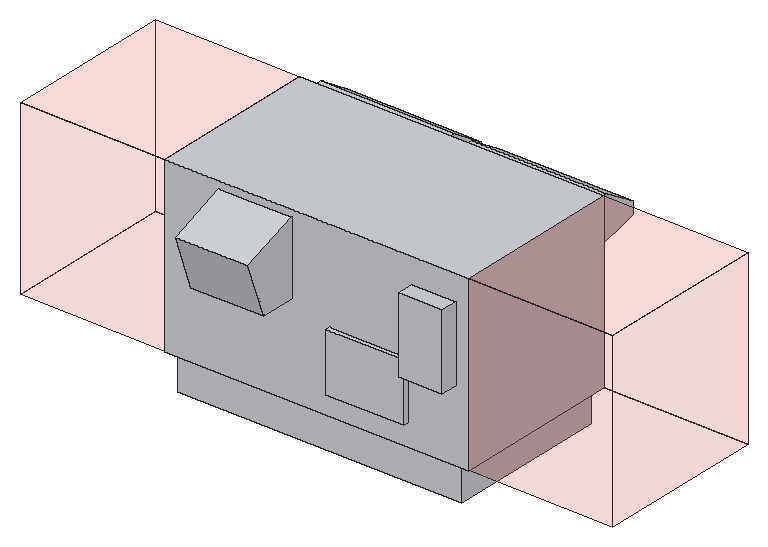
Revit family
Parameters (values of type "208 V Single Phase")
  Weight Scheduled [instance] = 2220  # constant formula
  Voltage Workaround = Voltage / 1 V  # 208
  Voltage Scheduled = Voltage  # 208 V
  Voltage = 208 V
  VoltAmps Workaround [instance] = Voltage Workaround * Total FLA * sqrt(Phase)  # 0
  VoltAmps [instance] = VoltAmps Workaround * 1 VA  # 0 VA
  VFD [instance] = yes
  URL = "http://www.renewaire.com/products/commercial-products/outdoor-models/le6xrt"
  Total FLA [instance] = if(or(Supply Motor FLA = 0, Exhaust Motor FLA = 0), 0, (Supply Motor FLA * Supply Motor Count) + (Exhaust Motor FLA * Exhaust Motor Count))  # 0
  Supply Motor RPM Scheduled [instance] = Supply Motor RPM  # 0
  Supply Motor RPM [instance] = if(and(or(Supply ESP = 0, Supply ESP > 0), Supply ESP < 0.25), if(Supply Motor HP = 3, if(Supply CFM > 4220 CFM, 0, if(Supply CFM > 3980 CFM, 837, if(Supply CFM > 4470 CFM, 796, if(Supply CFM > 3620 CFM, 755, if(Supply CFM > 3500 CFM, 714, if(Supply CFM > 3420 CFM, 673, 632)))))), if(Supply Motor HP = 5, if(Supply CFM > 5170 CFM, 0, if(Supply CFM > 4880 CFM, 982, if(Supply CFM > 4600 CFM, 940, if(Supply CFM > 4340 CFM, 898, if(Supply CFM > 4090 CFM, 857, if(Supply CFM > 3870 CFM, 815, 773)))))), if(Supply Motor HP = 7.5, if(Supply CFM > 6430 CFM, 0, if(Supply CFM > 5960 CFM, 1122, if(Supply CFM > 5610 CFM, 1082, if(Supply CFM > 5300 CFM, 1041, 1000)))), 0))), if(and(or(Supply ESP = 0.25, Supply ESP > 0.25), Supply ESP < 0.5), if(Supply Motor HP = 3, if(Supply CFM > 3920 CFM, 0, if(Supply CFM > 3660 CFM, 837, if(Supply CFM > 3440 CFM, 796, if(Supply CFM > 3270 CFM, 755, if(Supply CFM > 3150 CFM, 714, if(Supply CFM > 3080 CFM, 673, 632)))))), if(Supply Motor HP = 5, if(Supply CFM > 4940 CFM, 0, if(Supply CFM > 4640 CFM, 982, if(Supply CFM > 4330 CFM, 940, if(Supply CFM > 4050 CFM, 898, if(Supply CFM > 3770 CFM, 857, if(Supply CFM > 3530 CFM, 815, 773)))))), if(Supply Motor HP = 7.5, if(Supply CFM > 6600 CFM, 0, if(Supply CFM > 6150 CFM, 1163, if(Supply CFM > 5730 CFM, 1122, if(Supply CFM > 5380 CFM, 1082, if(Supply CFM > 5070 CFM, 1041, 1000))))), 0))), if(and(or(Supply ESP = 0.5, Supply ESP > 0.5), Supply ESP < 0.75), if(Supply Motor HP = 3, if(Supply CFM > 3520 CFM, 0, if(Supply CFM > 3220 CFM, 837, if(Supply CFM > 2950 CFM, 796, if(Supply CFM > 2750 CFM, 755, if(Supply CFM > 2600 CFM, 714, if(Supply CFM > 2510 CFM, 673, 632)))))), if(Supply Motor HP = 5, if(Supply CFM > 4670 CFM, 0, if(Supply CFM > 4340 CFM, 982, if(Supply CFM > 4000 CFM, 940, if(Supply CFM > 3670 CFM, 898, if(Supply CFM > 3350 CFM, 857, if(Supply CFM > 3060 CFM, 815, 773)))))), if(Supply Motor HP = 7.5, if(Supply CFM > 6490 CFM, 0, if(Supply CFM > 5850 CFM, 1163, if(Supply CFM > 5460 CFM, 1122, if(Supply CFM > 5130 CFM, 1082, if(Supply CFM > 4810 CFM, 1041, 1000))))), 0))), if(and(or(Supply ESP = 0.75, Supply ESP > 0.75), Supply ESP < 1), if(Supply Motor HP = 3, if(Supply CFM > 2880 CFM, 0, if(Supply CFM > 2400 CFM, 837, if(Supply CFM > 1800 CFM, 796, 755))), if(Supply Motor HP = 5, if(Supply CFM > 4330 CFM, 0, if(Supply CFM > 3950 CFM, 982, if(Supply CFM > 3540 CFM, 940, if(Supply CFM > 3100 CFM, 898, if(Supply CFM > 2630 CFM, 857, if(Supply CFM > 2090 CFM, 815, 773)))))), if(Supply Motor HP = 7.5, if(Supply CFM > 6600 CFM, 0, if(Supply CFM > 5990 CFM, 1204, if(Supply CFM > 5510 CFM, 1163, if(Supply CFM > 5160 CFM, 1122, if(Supply CFM > 4830 CFM, 1082, if(Supply CFM > 4490 CFM, 1041, 1000)))))), 0))), if(and(or(Supply ESP = 1, Supply ESP > 1), Supply ESP < 1.25), if(Supply Motor HP = 5, if(Supply CFM > 3880 CFM, 0, if(Supply CFM > 3380 CFM, 982, if(Supply CFM > 2700 CFM, 940, if(Supply CFM > 1770 CFM, 898, 857)))), if(Supply Motor HP = 7.5, if(Supply CFM > 6230 CFM, 0, if(Supply CFM > 5510 CFM, 1204, if(Supply CFM > 5140 CFM, 1163, if(Supply CFM > 4810 CFM, 1122, if(Supply CFM > 4460 CFM, 1082, if(Supply CFM > 4070 CFM, 1041, 1000)))))), 0)), if(and(or(Supply ESP = 1.25, Supply ESP > 1.25), Supply ESP < 1.5), if(Supply Motor HP = 5, if(Supply CFM > 3160 CFM, 0, if(Supply CFM > 2050 CFM, 982, 940)), if(Supply Motor HP = 7.5, if(Supply CFM > 5380 CFM, 0, if(Supply CFM > 5040 CFM, 1204, if(Supply CFM > 4720 CFM, 1163, if(Supply CFM > 4380 CFM, 1122, if(Supply CFM > 3980 CFM, 1082, if(Supply CFM > 3460 CFM, 1041, 1000)))))), 0)), if(and(or(Supply ESP = 1.5, Supply ESP > 1.5), Supply ESP < 1.75), if(Supply Motor HP = 5, if(Supply CFM > 1400 CFM, 0, 982), if(Supply Motor HP = 7.5, if(Supply CFM > 4800 CFM, 0, if(Supply CFM > 4550 CFM, 1204, if(Supply CFM > 4230 CFM, 1163, if(Supply CFM > 3830 CFM, 1122, if(Supply CFM > 3240 CFM, 1082, if(Supply CFM > 2100 CFM, 1041, 1000)))))), 0)), if(and(or(Supply ESP = 1.75, Supply ESP > 1.75), Supply ESP < 2), if(Supply Motor HP = 7.5, if(Supply CFM > 4300 CFM, 0, if(Supply CFM > 4020 CFM, 1204, if(Supply CFM > 3630 CFM, 1163, if(Supply CFM > 3010 CFM, 1122, if(Supply CFM > 1600 CFM, 1082, 1041))))), 0), if(Supply ESP = 2, if(Supply Motor HP = 7.5, if(Supply CFM > 3800 CFM, 0, if(Supply CFM > 3440 CFM, 1204, if(Supply CFM > 2800 CFM, 1163, 1122))), 0), 0)))))))))  # 0
  Supply Motor HP Scheduled [instance] = Supply Motor HP  # 0
  Supply Motor HP [instance] = 0
  Supply Motor FLA [instance] = if(VFD, if(Supply Motor BHP = 0, 0, if(Supply Motor HP = 3, if(and(or(Voltage = 208 V, Voltage = 230 V), Phase = 1), 9.38, if(and(or(Voltage = 208 V, Voltage = 230 V), Phase = 3), 9.38, if(and(Voltage = 460 V, Phase = 3), 4.24, if(and(Voltage = 575 V, Phase = 3), 3.3, 0)))), if(Supply Motor HP = 5, if(and(or(Voltage = 208 V, Voltage = 230 V), Phase = 3), 14.5, if(and(Voltage = 460 V, Phase = 3), 6.7, if(and(Voltage = 575 V, Phase = 3), 5.3, 0))), if(Supply Motor HP = 7.5, if(and(or(Voltage = 208 V, Voltage = 230 V), Phase = 3), 21, if(and(Voltage = 460 V, Phase = 3), 9.4, if(and(Voltage = 575 V, Phase = 3), 7.6, 0))), 0)))), if(Supply Motor BHP = 0, 0, if(Supply Motor HP = 3, if(and(or(Voltage = 208 V, Voltage = 230 V), Phase = 1), 14.7, if(and(or(Voltage = 208 V, Voltage = 230 V), Phase = 3), 9.38, if(and(Voltage = 460 V, Phase = 3), 4.24, if(and(Voltage = 575 V, Phase = 3), 3.3, 0)))), if(Supply Motor HP = 5, if(and(or(Voltage = 208 V, Voltage = 230 V), Phase = 3), 14.5, if(and(Voltage = 460 V, Phase = 3), 6.7, if(and(Voltage = 575 V, Phase = 3), 5.3, 0))), if(Supply Motor HP = 7.5, if(and(or(Voltage = 208 V, Voltage = 230 V), Phase = 3), 21, if(and(Voltage = 460 V, Phase = 3), 9.4, if(and(Voltage = 575 V, Phase = 3), 7.6, 0))), 0)))))  # 0
  Supply Motor Count Scheduled [instance] = Supply Motor Count  # 1
  Supply Motor Count [instance] = 1  # constant formula
  Supply Motor BHP [instance] = if(and(or(Supply ESP = 0, Supply ESP > 0), Supply ESP < 0.25), if(Supply Motor HP = 3, if(Supply CFM > 4220 CFM, 0, if(Supply CFM > 3980 CFM, 2.3, if(Supply CFM > 4470 CFM, 2, if(Supply CFM > 3620 CFM, 1.8, if(Supply CFM > 3500 CFM, 1.5, if(Supply CFM > 3420 CFM, 1.4, 1.2)))))), if(Supply Motor HP = 5, if(Supply CFM > 5170 CFM, 0, if(Supply CFM > 4880 CFM, 3.9, if(Supply CFM > 4600 CFM, 3.4, if(Supply CFM > 4340 CFM, 2.9, if(Supply CFM > 4090 CFM, 2.5, if(Supply CFM > 3870 CFM, 2.2, 1.9)))))), if(Supply Motor HP = 7.5, if(Supply CFM > 6430 CFM, 0, if(Supply CFM > 5960 CFM, 6.4, if(Supply CFM > 5610 CFM, 5.5, if(Supply CFM > 5300 CFM, 4.8, 4.2)))), 0))), if(and(or(Supply ESP = 0.25, Supply ESP > 0.25), Supply ESP < 0.5), if(Supply Motor HP = 3, if(Supply CFM > 3920 CFM, 0, if(Supply CFM > 3660 CFM, 2.1, if(Supply CFM > 3440 CFM, 1.8, if(Supply CFM > 3270 CFM, 1.6, if(Supply CFM > 3150 CFM, 1.4, if(Supply CFM > 3080 CFM, 1.2, 1.1)))))), if(Supply Motor HP = 5, if(Supply CFM > 4940 CFM, 0, if(Supply CFM > 4640 CFM, 3.7, if(Supply CFM > 4330 CFM, 2.7, if(Supply CFM > 4050 CFM, 2.7, if(Supply CFM > 3770 CFM, 2.3, if(Supply CFM > 3530 CFM, 2, 1.7)))))), if(Supply Motor HP = 7.5, if(Supply CFM > 6600 CFM, 0, if(Supply CFM > 6150 CFM, 7, if(Supply CFM > 5730 CFM, 6, if(Supply CFM > 5380 CFM, 5.1, if(Supply CFM > 5070 CFM, 4.5, 3.9))))), 0))), if(and(or(Supply ESP = 0.5, Supply ESP > 0.5), Supply ESP < 0.75), if(Supply Motor HP = 3, if(Supply CFM > 3520 CFM, 0, if(Supply CFM > 3220 CFM, 1.9, if(Supply CFM > 2950 CFM, 1.6, if(Supply CFM > 2750 CFM, 1.4, if(Supply CFM > 2600 CFM, 1.2, if(Supply CFM > 2510 CFM, 1.1, 1)))))), if(Supply Motor HP = 5, if(Supply CFM > 4670 CFM, 0, if(Supply CFM > 4340 CFM, 3.4, if(Supply CFM > 4000 CFM, 2.4, if(Supply CFM > 3670 CFM, 2.4, if(Supply CFM > 3350 CFM, 2, if(Supply CFM > 3060 CFM, 1.7, 1.4)))))), if(Supply Motor HP = 7.5, if(Supply CFM > 6490 CFM, 0, if(Supply CFM > 5850 CFM, 6.7, if(Supply CFM > 5460 CFM, 5.5, if(Supply CFM > 5130 CFM, 4.8, if(Supply CFM > 4810 CFM, 4.2, 3.6))))), 0))), if(and(or(Supply ESP = 0.75, Supply ESP > 0.75), Supply ESP < 1), if(Supply Motor HP = 3, if(Supply CFM > 2880 CFM, 0, if(Supply CFM > 2400 CFM, 1.5, if(Supply CFM > 1800 CFM, 1.2, 1))), if(Supply Motor HP = 5, if(Supply CFM > 4330 CFM, 0, if(Supply CFM > 3950 CFM, 3.1, if(Supply CFM > 3540 CFM, 2.6, if(Supply CFM > 3100 CFM, 2.1, if(Supply CFM > 2630 CFM, 1.7, if(Supply CFM > 2090 CFM, 1.4, 1.1)))))), if(Supply Motor HP = 7.5, if(Supply CFM > 6600 CFM, 0, if(Supply CFM > 5990 CFM, 7, if(Supply CFM > 5510 CFM, 5.9, if(Supply CFM > 5160 CFM, 5.1, if(Supply CFM > 4830 CFM, 4.4, if(Supply CFM > 4490 CFM, 3.8, 3.3)))))), 0))), if(and(or(Supply ESP = 1, Supply ESP > 1), Supply ESP < 1.25), if(Supply Motor HP = 5, if(Supply CFM > 3880 CFM, 0, if(Supply CFM > 3380 CFM, 2.7, if(Supply CFM > 2700 CFM, 2.1, if(Supply CFM > 1770 CFM, 1.6, 1.1)))), if(Supply Motor HP = 7.5, if(Supply CFM > 6230 CFM, 0, if(Supply CFM > 5510 CFM, 6.5, if(Supply CFM > 5140 CFM, 5.3, if(Supply CFM > 4810 CFM, 4.6, if(Supply CFM > 4460 CFM, 4, if(Supply CFM > 4070 CFM, 3.5, 2.9)))))), 0)), if(and(or(Supply ESP = 1.25, Supply ESP > 1.25), Supply ESP < 1.5), if(Supply Motor HP = 5, if(Supply CFM > 3160 CFM, 0, if(Supply CFM > 2050 CFM, 2.2, 1.5)), if(Supply Motor HP = 7.5, if(Supply CFM > 5380 CFM, 0, if(Supply CFM > 5040 CFM, 5.3, if(Supply CFM > 4720 CFM, 4.7, if(Supply CFM > 4380 CFM, 4.1, if(Supply CFM > 3980 CFM, 3.6, if(Supply CFM > 3460 CFM, 3, 2.4)))))), 0)), if(and(or(Supply ESP = 1.5, Supply ESP > 1.5), Supply ESP < 1.75), if(Supply Motor HP = 5, if(Supply CFM > 1400 CFM, 0, 1.4), if(Supply Motor HP = 7.5, if(Supply CFM > 4800 CFM, 0, if(Supply CFM > 4550 CFM, 4.6, if(Supply CFM > 4230 CFM, 4.1, if(Supply CFM > 3830 CFM, 3.6, if(Supply CFM > 3240 CFM, 3.1, if(Supply CFM > 2100 CFM, 2.4, 1.7)))))), 0)), if(and(or(Supply ESP = 1.75, Supply ESP > 1.75), Supply ESP < 2), if(Supply Motor HP = 7.5, if(Supply CFM > 4300 CFM, 0, if(Supply CFM > 4020 CFM, 4, if(Supply CFM > 3630 CFM, 3.6, if(Supply CFM > 3010 CFM, 2.5, if(Supply CFM > 1600 CFM, 2.5, 1.7))))), 0), if(Supply ESP = 2, if(Supply Motor HP = 7.5, if(Supply CFM > 3800 CFM, 0, if(Supply CFM > 3440 CFM, 3.6, if(Supply CFM > 2800 CFM, 3.1, 2.5))), 0), 0)))))))))  # 0
  Supply ESP Scheduled [instance] = Supply ESP  # 0
  Supply ESP [instance] = 0
  Supply CFM Scheduled [instance] = Supply CFM  # 0 CFM
  Supply CFM [instance] = 0 CFM
  Supply Air Winter RH Scheduled [instance] = 0
  Supply Air Winter DB Scheduled [instance] = 0
  Supply Air Summer RH Scheduled [instance] = 0
  Supply Air Summer DB Scheduled [instance] = 0
  Phase Scheduled = Phase  # 1
  Phase = 1
  Outside Air Winter RH Scheduled [instance] = 0
  Outside Air Winter DB Scheduled [instance] = 0
  Outside Air Summer RH Scheduled [instance] = 0
  Outside Air Summer DB Scheduled [instance] = 0
  Number of Poles = 2
  Model = "LE6XRTH"
  Manufacturer = "RenewAire"
  MOCP Scheduled [instance] = MOCP  # 0
  MOCP [instance] = if(Total FLA = 0, 0, if(VFD, if(and(or(Voltage = 208 V, Voltage = 230 V), Phase = 1), if(and(Supply Motor HP = 3, Exhaust Motor HP = 3), 45, 0), if(and(or(Voltage = 208 V, Voltage = 230 V), Phase = 3), if(and(Supply Motor HP = 3, Exhaust Motor HP = 3), 25, if(and(Supply Motor HP = 3, Exhaust Motor HP = 5), 40, if(and(Supply Motor HP = 3, Exhaust Motor HP = 7.5), 50, if(and(Supply Motor HP = 5, Exhaust Motor HP = 3), 40, if(and(Supply Motor HP = 5, Exhaust Motor HP = 5), 45, if(and(Supply Motor HP = 5, Exhaust Motor HP = 7.5), 60, if(and(Supply Motor HP = 7.5, Exhaust Motor HP = 3), 50, if(and(Supply Motor HP = 7.5, Exhaust Motor HP = 5), 60, if(and(Supply Motor HP = 7.5, Exhaust Motor HP = 7.5), 60, 0))))))))), if(and(Voltage = 460 V, Phase = 3), if(and(Supply Motor HP = 3, Exhaust Motor HP = 3), 15, if(and(Supply Motor HP = 3, Exhaust Motor HP = 5), 15, if(and(Supply Motor HP = 3, Exhaust Motor HP = 7.5), 20, if(and(Supply Motor HP = 5, Exhaust Motor HP = 3), 15, if(and(Supply Motor HP = 5, Exhaust Motor HP = 5), 20, if(and(Supply Motor HP = 5, Exhaust Motor HP = 7.5), 25, if(and(Supply Motor HP = 7.5, Exhaust Motor HP = 3), 20, if(and(Supply Motor HP = 7.5, Exhaust Motor HP = 5), 25, if(and(Supply Motor HP = 7.5, Exhaust Motor HP = 7.5), 30, 0))))))))), if(and(Voltage = 575 V, Phase = 3), if(and(Supply Motor HP = 3, Exhaust Motor HP = 3), 15, if(and(Supply Motor HP = 3, Exhaust Motor HP = 5), 15, if(and(Supply Motor HP = 3, Exhaust Motor HP = 7.5), 20, if(and(Supply Motor HP = 5, Exhaust Motor HP = 3), 15, if(and(Supply Motor HP = 5, Exhaust Motor HP = 5), 15, if(and(Supply Motor HP = 5, Exhaust Motor HP = 7.5), 20, if(and(Supply Motor HP = 7.5, Exhaust Motor HP = 3), 20, if(and(Supply Motor HP = 7.5, Exhaust Motor HP = 5), 20, if(and(Supply Motor HP = 7.5, Exhaust Motor HP = 7.5), 20, 0))))))))), 0)))), if(and(or(Voltage = 208 V, Voltage = 230 V), Phase = 1), if(and(Supply Motor HP = 3, Exhaust Motor HP = 3), 40, 0), if(and(or(Voltage = 208 V, Voltage = 230 V), Phase = 3), if(and(Supply Motor HP = 3, Exhaust Motor HP = 3), 25, if(and(Supply Motor HP = 3, Exhaust Motor HP = 5), 40, if(and(Supply Motor HP = 3, Exhaust Motor HP = 7.5), 50, if(and(Supply Motor HP = 5, Exhaust Motor HP = 3), 40, if(and(Supply Motor HP = 5, Exhaust Motor HP = 5), 45, if(and(Supply Motor HP = 5, Exhaust Motor HP = 7.5), 60, if(and(Supply Motor HP = 7.5, Exhaust Motor HP = 3), 50, if(and(Supply Motor HP = 7.5, Exhaust Motor HP = 5), 60, if(and(Supply Motor HP = 7.5, Exhaust Motor HP = 7.5), 60, 0))))))))), if(and(Voltage = 460 V, Phase = 3), if(and(Supply Motor HP = 3, Exhaust Motor HP = 3), 15, if(and(Supply Motor HP = 3, Exhaust Motor HP = 5), 15, if(and(Supply Motor HP = 3, Exhaust Motor HP = 7.5), 20, if(and(Supply Motor HP = 5, Exhaust Motor HP = 3), 15, if(and(Supply Motor HP = 5, Exhaust Motor HP = 5), 20, if(and(Supply Motor HP = 5, Exhaust Motor HP = 7.5), 25, if(and(Supply Motor HP = 7.5, Exhaust Motor HP = 3), 20, if(and(Supply Motor HP = 7.5, Exhaust Motor HP = 5), 25, if(and(Supply Motor HP = 7.5, Exhaust Motor HP = 7.5), 30, 0))))))))), if(and(Voltage = 575 V, Phase = 3), if(and(Supply Motor HP = 3, Exhaust Motor HP = 3), 15, if(and(Supply Motor HP = 3, Exhaust Motor HP = 5), 15, if(and(Supply Motor HP = 3, Exhaust Motor HP = 7.5), 20, if(and(Supply Motor HP = 5, Exhaust Motor HP = 3), 15, if(and(Supply Motor HP = 5, Exhaust Motor HP = 5), 15, if(and(Supply Motor HP = 5, Exhaust Motor HP = 7.5), 20, if(and(Supply Motor HP = 7.5, Exhaust Motor HP = 3), 20, if(and(Supply Motor HP = 7.5, Exhaust Motor HP = 5), 20, if(and(Supply Motor HP = 7.5, Exhaust Motor HP = 7.5), 20, 0))))))))), 0))))))  # 0
  MCA Scheduled [instance] = MCA  # 0
  MCA [instance] = if(Total FLA = 0, 0, if(VFD, if(and(or(Voltage = 208 V, Voltage = 230 V), Phase = 1), if(and(Supply Motor HP = 3, Exhaust Motor HP = 3), 40.2, 0), if(and(or(Voltage = 208 V, Voltage = 230 V), Phase = 3), if(and(Supply Motor HP = 3, Exhaust Motor HP = 3), 23.2, if(and(Supply Motor HP = 3, Exhaust Motor HP = 5), 30.3, if(and(Supply Motor HP = 3, Exhaust Motor HP = 7.5), 36.2, if(and(Supply Motor HP = 5, Exhaust Motor HP = 3), 30.3, if(and(Supply Motor HP = 5, Exhaust Motor HP = 5), 35.9, if(and(Supply Motor HP = 5, Exhaust Motor HP = 7.5), 44.8, if(and(Supply Motor HP = 7.5, Exhaust Motor HP = 3), 39.2, if(and(Supply Motor HP = 7.5, Exhaust Motor HP = 5), 44.8, if(and(Supply Motor HP = 7.5, Exhaust Motor HP = 7.5), 52, 0))))))))), if(and(Voltage = 460 V, Phase = 3), if(and(Supply Motor HP = 3, Exhaust Motor HP = 3), 10.5, if(and(Supply Motor HP = 3, Exhaust Motor HP = 5), 13.9, if(and(Supply Motor HP = 3, Exhaust Motor HP = 7.5), 17.6, if(and(Supply Motor HP = 5, Exhaust Motor HP = 3), 13.9, if(and(Supply Motor HP = 5, Exhaust Motor HP = 5), 16.6, if(and(Supply Motor HP = 5, Exhaust Motor HP = 7.5), 20.3, if(and(Supply Motor HP = 7.5, Exhaust Motor HP = 3), 17.6, if(and(Supply Motor HP = 7.5, Exhaust Motor HP = 5), 20.3, if(and(Supply Motor HP = 7.5, Exhaust Motor HP = 7.5), 23.3, 0))))))))), if(and(Voltage = 575 V, Phase = 3), if(and(Supply Motor HP = 3, Exhaust Motor HP = 3), 8.2, if(and(Supply Motor HP = 3, Exhaust Motor HP = 5), 10.9, if(and(Supply Motor HP = 3, Exhaust Motor HP = 7.5), 14.1, if(and(Supply Motor HP = 5, Exhaust Motor HP = 3), 10.9, if(and(Supply Motor HP = 5, Exhaust Motor HP = 5), 13.1, if(and(Supply Motor HP = 5, Exhaust Motor HP = 7.5), 16.3, if(and(Supply Motor HP = 7.5, Exhaust Motor HP = 3), 14.1, if(and(Supply Motor HP = 7.5, Exhaust Motor HP = 5), 16.3, if(and(Supply Motor HP = 7.5, Exhaust Motor HP = 7.5), 18.8, 0))))))))), 0)))), if(and(or(Voltage = 208 V, Voltage = 230 V), Phase = 1), if(and(Supply Motor HP = 3, Exhaust Motor HP = 3), 33.1, 0), if(and(or(Voltage = 208 V, Voltage = 230 V), Phase = 3), if(and(Supply Motor HP = 3, Exhaust Motor HP = 3), 21.1, if(and(Supply Motor HP = 3, Exhaust Motor HP = 5), 27.5, if(and(Supply Motor HP = 3, Exhaust Motor HP = 7.5), 35.6, if(and(Supply Motor HP = 5, Exhaust Motor HP = 3), 27.5, if(and(Supply Motor HP = 5, Exhaust Motor HP = 5), 32.6, if(and(Supply Motor HP = 5, Exhaust Motor HP = 7.5), 40.8, if(and(Supply Motor HP = 7.5, Exhaust Motor HP = 3), 35.6, if(and(Supply Motor HP = 7.5, Exhaust Motor HP = 5), 40.8, if(and(Supply Motor HP = 7.5, Exhaust Motor HP = 7.5), 47.3, 0))))))))), if(and(Voltage = 460 V, Phase = 3), if(and(Supply Motor HP = 3, Exhaust Motor HP = 3), 9.5, if(and(Supply Motor HP = 3, Exhaust Motor HP = 5), 12.6, if(and(Supply Motor HP = 3, Exhaust Motor HP = 7.5), 16, if(and(Supply Motor HP = 5, Exhaust Motor HP = 3), 12.6, if(and(Supply Motor HP = 5, Exhaust Motor HP = 5), 15.1, if(and(Supply Motor HP = 5, Exhaust Motor HP = 7.5), 18.5, if(and(Supply Motor HP = 7.5, Exhaust Motor HP = 3), 16, if(and(Supply Motor HP = 7.5, Exhaust Motor HP = 5), 18.5, if(and(Supply Motor HP = 7.5, Exhaust Motor HP = 7.5), 21.2, 0))))))))), if(and(Voltage = 575 V, Phase = 3), if(and(Supply Motor HP = 3, Exhaust Motor HP = 3), 7.4, if(and(Supply Motor HP = 3, Exhaust Motor HP = 5), 9.9, if(and(Supply Motor HP = 3, Exhaust Motor HP = 7.5), 12.8, if(and(Supply Motor HP = 5, Exhaust Motor HP = 3), 9.9, if(and(Supply Motor HP = 5, Exhaust Motor HP = 5), 11.9, if(and(Supply Motor HP = 5, Exhaust Motor HP = 7.5), 14.8, if(and(Supply Motor HP = 7.5, Exhaust Motor HP = 3), 12.8, if(and(Supply Motor HP = 7.5, Exhaust Motor HP = 5), 14.8, if(and(Supply Motor HP = 7.5, Exhaust Motor HP = 7.5), 17.1, 0))))))))), 0))))))  # 0
  FLA Scheduled [instance] = Total FLA  # 0
  Exhaust RH Scheduled [instance] = 0
  Exhaust Motor RPM Scheduled [instance] = Exhaust Motor RPM  # 0
  Exhaust Motor RPM [instance] = if(and(or(Exhaust ESP = 0, Exhaust ESP > 0), Exhaust ESP < 0.25), if(Exhaust Motor HP = 3, if(Exhaust CFM > 4220 CFM, 0, if(Exhaust CFM > 3980 CFM, 837, if(Exhaust CFM > 4470 CFM, 796, if(Exhaust CFM > 3620 CFM, 755, if(Exhaust CFM > 3500 CFM, 714, if(Exhaust CFM > 3420 CFM, 673, 632)))))), if(Exhaust Motor HP = 5, if(Exhaust CFM > 5170 CFM, 0, if(Exhaust CFM > 4880 CFM, 982, if(Exhaust CFM > 4600 CFM, 940, if(Exhaust CFM > 4340 CFM, 898, if(Exhaust CFM > 4090 CFM, 857, if(Exhaust CFM > 3870 CFM, 815, 773)))))), if(Exhaust Motor HP = 7.5, if(Exhaust CFM > 6430 CFM, 0, if(Exhaust CFM > 5960 CFM, 1122, if(Exhaust CFM > 5610 CFM, 1082, if(Exhaust CFM > 5300 CFM, 1041, 1000)))), 0))), if(and(or(Exhaust ESP = 0.25, Exhaust ESP > 0.25), Exhaust ESP < 0.5), if(Exhaust Motor HP = 3, if(Exhaust CFM > 3920 CFM, 0, if(Exhaust CFM > 3660 CFM, 837, if(Exhaust CFM > 3440 CFM, 796, if(Exhaust CFM > 3270 CFM, 755, if(Exhaust CFM > 3150 CFM, 714, if(Exhaust CFM > 3080 CFM, 673, 632)))))), if(Exhaust Motor HP = 5, if(Exhaust CFM > 4940 CFM, 0, if(Exhaust CFM > 4640 CFM, 982, if(Exhaust CFM > 4330 CFM, 940, if(Exhaust CFM > 4050 CFM, 898, if(Exhaust CFM > 3770 CFM, 857, if(Exhaust CFM > 3530 CFM, 815, 773)))))), if(Exhaust Motor HP = 7.5, if(Exhaust CFM > 6600 CFM, 0, if(Exhaust CFM > 6150 CFM, 1163, if(Exhaust CFM > 5730 CFM, 1122, if(Exhaust CFM > 5380 CFM, 1082, if(Exhaust CFM > 5070 CFM, 1041, 1000))))), 0))), if(and(or(Exhaust ESP = 0.5, Exhaust ESP > 0.5), Exhaust ESP < 0.75), if(Exhaust Motor HP = 3, if(Exhaust CFM > 3520 CFM, 0, if(Exhaust CFM > 3220 CFM, 837, if(Exhaust CFM > 2950 CFM, 796, if(Exhaust CFM > 2750 CFM, 755, if(Exhaust CFM > 2600 CFM, 714, if(Exhaust CFM > 2510 CFM, 673, 632)))))), if(Exhaust Motor HP = 5, if(Exhaust CFM > 4670 CFM, 0, if(Exhaust CFM > 4340 CFM, 982, if(Exhaust CFM > 4000 CFM, 940, if(Exhaust CFM > 3670 CFM, 898, if(Exhaust CFM > 3350 CFM, 857, if(Exhaust CFM > 3060 CFM, 815, 773)))))), if(Exhaust Motor HP = 7.5, if(Exhaust CFM > 6490 CFM, 0, if(Exhaust CFM > 5850 CFM, 1163, if(Exhaust CFM > 5460 CFM, 1122, if(Exhaust CFM > 5130 CFM, 1082, if(Exhaust CFM > 4810 CFM, 1041, 1000))))), 0))), if(and(or(Exhaust ESP = 0.75, Exhaust ESP > 0.75), Exhaust ESP < 1), if(Exhaust Motor HP = 3, if(Exhaust CFM > 2880 CFM, 0, if(Exhaust CFM > 2400 CFM, 837, if(Exhaust CFM > 1800 CFM, 796, 755))), if(Exhaust Motor HP = 5, if(Exhaust CFM > 4330 CFM, 0, if(Exhaust CFM > 3950 CFM, 982, if(Exhaust CFM > 3540 CFM, 940, if(Exhaust CFM > 3100 CFM, 898, if(Exhaust CFM > 2630 CFM, 857, if(Exhaust CFM > 2090 CFM, 815, 773)))))), if(Exhaust Motor HP = 7.5, if(Exhaust CFM > 6600 CFM, 0, if(Exhaust CFM > 5990 CFM, 1204, if(Exhaust CFM > 5510 CFM, 1163, if(Exhaust CFM > 5160 CFM, 1122, if(Exhaust CFM > 4830 CFM, 1082, if(Exhaust CFM > 4490 CFM, 1041, 1000)))))), 0))), if(and(or(Exhaust ESP = 1, Exhaust ESP > 1), Exhaust ESP < 1.25), if(Exhaust Motor HP = 5, if(Exhaust CFM > 3880 CFM, 0, if(Exhaust CFM > 3380 CFM, 982, if(Exhaust CFM > 2700 CFM, 940, if(Exhaust CFM > 1770 CFM, 898, 857)))), if(Exhaust Motor HP = 7.5, if(Exhaust CFM > 6230 CFM, 0, if(Exhaust CFM > 5510 CFM, 1204, if(Exhaust CFM > 5140 CFM, 1163, if(Exhaust CFM > 4810 CFM, 1122, if(Exhaust CFM > 4460 CFM, 1082, if(Exhaust CFM > 4070 CFM, 1041, 1000)))))), 0)), if(and(or(Exhaust ESP = 1.25, Exhaust ESP > 1.25), Exhaust ESP < 1.5), if(Exhaust Motor HP = 5, if(Exhaust CFM > 3160 CFM, 0, if(Exhaust CFM > 2050 CFM, 982, 940)), if(Exhaust Motor HP = 7.5, if(Exhaust CFM > 5380 CFM, 0, if(Exhaust CFM > 5040 CFM, 1204, if(Exhaust CFM > 4720 CFM, 1163, if(Exhaust CFM > 4380 CFM, 1122, if(Exhaust CFM > 3980 CFM, 1082, if(Exhaust CFM > 3460 CFM, 1041, 1000)))))), 0)), if(and(or(Exhaust ESP = 1.5, Exhaust ESP > 1.5), Exhaust ESP < 1.75), if(Exhaust Motor HP = 5, if(Exhaust CFM > 1400 CFM, 0, 982), if(Exhaust Motor HP = 7.5, if(Exhaust CFM > 4800 CFM, 0, if(Exhaust CFM > 4550 CFM, 1204, if(Exhaust CFM > 4230 CFM, 1163, if(Exhaust CFM > 3830 CFM, 1122, if(Exhaust CFM > 3240 CFM, 1082, if(Exhaust CFM > 2100 CFM, 1041, 1000)))))), 0)), if(and(or(Exhaust ESP = 1.75, Exhaust ESP > 1.75), Exhaust ESP < 2), if(Exhaust Motor HP = 7.5, if(Exhaust CFM > 4300 CFM, 0, if(Exhaust CFM > 4020 CFM, 1204, if(Exhaust CFM > 3630 CFM, 1163, if(Exhaust CFM > 3010 CFM, 1122, if(Exhaust CFM > 1600 CFM, 1082, 1041))))), 0), if(Exhaust ESP = 2, if(Exhaust Motor HP = 7.5, if(Exhaust CFM > 3800 CFM, 0, if(Exhaust CFM > 3440 CFM, 1204, if(Exhaust CFM > 2800 CFM, 1163, 1122))), 0), 0)))))))))  # 0
  Exhaust Motor HP Scheduled [instance] = Exhaust Motor HP  # 0
  Exhaust Motor HP [instance] = 0
  Exhaust Motor FLA [instance] = if(VFD, if(Exhaust Motor BHP = 0, 0, if(Exhaust Motor HP = 3, if(and(or(Voltage = 208 V, Voltage = 230 V), Phase = 1), 9.38, if(and(or(Voltage = 208 V, Voltage = 230 V), Phase = 3), 9.38, if(and(Voltage = 460 V, Phase = 3), 4.24, if(and(Voltage = 575 V, Phase = 3), 3.3, 0)))), if(Exhaust Motor HP = 5, if(and(or(Voltage = 208 V, Voltage = 230 V), Phase = 3), 14.5, if(and(Voltage = 460 V, Phase = 3), 6.7, if(and(Voltage = 575 V, Phase = 3), 5.3, 0))), if(Exhaust Motor HP = 7.5, if(and(or(Voltage = 208 V, Voltage = 230 V), Phase = 3), 21, if(and(Voltage = 460 V, Phase = 3), 9.4, if(and(Voltage = 575 V, Phase = 3), 7.6, 0))), 0)))), if(Exhaust Motor BHP = 0, 0, if(Exhaust Motor HP = 3, if(and(or(Voltage = 208 V, Voltage = 230 V), Phase = 1), 14.7, if(and(or(Voltage = 208 V, Voltage = 230 V), Phase = 3), 9.38, if(and(Voltage = 460 V, Phase = 3), 4.24, if(and(Voltage = 575 V, Phase = 3), 3.3, 0)))), if(Exhaust Motor HP = 5, if(and(or(Voltage = 208 V, Voltage = 230 V), Phase = 3), 14.5, if(and(Voltage = 460 V, Phase = 3), 6.7, if(and(Voltage = 575 V, Phase = 3), 5.3, 0))), if(Exhaust Motor HP = 7.5, if(and(or(Voltage = 208 V, Voltage = 230 V), Phase = 3), 21, if(and(Voltage = 460 V, Phase = 3), 9.4, if(and(Voltage = 575 V, Phase = 3), 7.6, 0))), 0)))))  # 0
  Exhaust Motor Count Scheduled [instance] = Exhaust Motor Count  # 1
  Exhaust Motor Count [instance] = 1  # constant formula
  Exhaust Motor BHP [instance] = if(and(or(Exhaust ESP = 0, Exhaust ESP > 0), Exhaust ESP < 0.25), if(Exhaust Motor HP = 3, if(Exhaust CFM > 4220 CFM, 0, if(Exhaust CFM > 3980 CFM, 2.3, if(Exhaust CFM > 4470 CFM, 2, if(Exhaust CFM > 3620 CFM, 1.8, if(Exhaust CFM > 3500 CFM, 1.5, if(Exhaust CFM > 3420 CFM, 1.4, 1.2)))))), if(Exhaust Motor HP = 5, if(Exhaust CFM > 5170 CFM, 0, if(Exhaust CFM > 4880 CFM, 3.9, if(Exhaust CFM > 4600 CFM, 3.4, if(Exhaust CFM > 4340 CFM, 2.9, if(Exhaust CFM > 4090 CFM, 2.5, if(Exhaust CFM > 3870 CFM, 2.2, 1.9)))))), if(Exhaust Motor HP = 7.5, if(Exhaust CFM > 6430 CFM, 0, if(Exhaust CFM > 5960 CFM, 6.4, if(Exhaust CFM > 5610 CFM, 5.5, if(Exhaust CFM > 5300 CFM, 4.8, 4.2)))), 0))), if(and(or(Exhaust ESP = 0.25, Exhaust ESP > 0.25), Exhaust ESP < 0.5), if(Exhaust Motor HP = 3, if(Exhaust CFM > 3920 CFM, 0, if(Exhaust CFM > 3660 CFM, 2.1, if(Exhaust CFM > 3440 CFM, 1.8, if(Exhaust CFM > 3270 CFM, 1.6, if(Exhaust CFM > 3150 CFM, 1.4, if(Exhaust CFM > 3080 CFM, 1.2, 1.1)))))), if(Exhaust Motor HP = 5, if(Exhaust CFM > 4940 CFM, 0, if(Exhaust CFM > 4640 CFM, 3.7, if(Exhaust CFM > 4330 CFM, 2.7, if(Exhaust CFM > 4050 CFM, 2.7, if(Exhaust CFM > 3770 CFM, 2.3, if(Exhaust CFM > 3530 CFM, 2, 1.7)))))), if(Exhaust Motor HP = 7.5, if(Exhaust CFM > 6600 CFM, 0, if(Exhaust CFM > 6150 CFM, 7, if(Exhaust CFM > 5730 CFM, 6, if(Exhaust CFM > 5380 CFM, 5.1, if(Exhaust CFM > 5070 CFM, 4.5, 3.9))))), 0))), if(and(or(Exhaust ESP = 0.5, Exhaust ESP > 0.5), Exhaust ESP < 0.75), if(Exhaust Motor HP = 3, if(Exhaust CFM > 3520 CFM, 0, if(Exhaust CFM > 3220 CFM, 1.9, if(Exhaust CFM > 2950 CFM, 1.6, if(Exhaust CFM > 2750 CFM, 1.4, if(Exhaust CFM > 2600 CFM, 1.2, if(Exhaust CFM > 2510 CFM, 1.1, 1)))))), if(Exhaust Motor HP = 5, if(Exhaust CFM > 4670 CFM, 0, if(Exhaust CFM > 4340 CFM, 3.4, if(Exhaust CFM > 4000 CFM, 2.4, if(Exhaust CFM > 3670 CFM, 2.4, if(Exhaust CFM > 3350 CFM, 2, if(Exhaust CFM > 3060 CFM, 1.7, 1.4)))))), if(Exhaust Motor HP = 7.5, if(Exhaust CFM > 6490 CFM, 0, if(Exhaust CFM > 5850 CFM, 6.7, if(Exhaust CFM > 5460 CFM, 5.5, if(Exhaust CFM > 5130 CFM, 4.8, if(Exhaust CFM > 4810 CFM, 4.2, 3.6))))), 0))), if(and(or(Exhaust ESP = 0.75, Exhaust ESP > 0.75), Exhaust ESP < 1), if(Exhaust Motor HP = 3, if(Exhaust CFM > 2880 CFM, 0, if(Exhaust CFM > 2400 CFM, 1.5, if(Exhaust CFM > 1800 CFM, 1.2, 1))), if(Exhaust Motor HP = 5, if(Exhaust CFM > 4330 CFM, 0, if(Exhaust CFM > 3950 CFM, 3.1, if(Exhaust CFM > 3540 CFM, 2.6, if(Exhaust CFM > 3100 CFM, 2.1, if(Exhaust CFM > 2630 CFM, 1.7, if(Exhaust CFM > 2090 CFM, 1.4, 1.1)))))), if(Exhaust Motor HP = 7.5, if(Exhaust CFM > 6600 CFM, 0, if(Exhaust CFM > 5990 CFM, 7, if(Exhaust CFM > 5510 CFM, 5.9, if(Exhaust CFM > 5160 CFM, 5.1, if(Exhaust CFM > 4830 CFM, 4.4, if(Exhaust CFM > 4490 CFM, 3.8, 3.3)))))), 0))), if(and(or(Exhaust ESP = 1, Exhaust ESP > 1), Exhaust ESP < 1.25), if(Exhaust Motor HP = 5, if(Exhaust CFM > 3880 CFM, 0, if(Exhaust CFM > 3380 CFM, 2.7, if(Exhaust CFM > 2700 CFM, 2.1, if(Exhaust CFM > 1770 CFM, 1.6, 1.1)))), if(Exhaust Motor HP = 7.5, if(Exhaust CFM > 6230 CFM, 0, if(Exhaust CFM > 5510 CFM, 6.5, if(Exhaust CFM > 5140 CFM, 5.3, if(Exhaust CFM > 4810 CFM, 4.6, if(Exhaust CFM > 4460 CFM, 4, if(Exhaust CFM > 4070 CFM, 3.5, 2.9)))))), 0)), if(and(or(Exhaust ESP = 1.25, Exhaust ESP > 1.25), Exhaust ESP < 1.5), if(Exhaust Motor HP = 5, if(Exhaust CFM > 3160 CFM, 0, if(Exhaust CFM > 2050 CFM, 2.2, 1.5)), if(Exhaust Motor HP = 7.5, if(Exhaust CFM > 5380 CFM, 0, if(Exhaust CFM > 5040 CFM, 5.3, if(Exhaust CFM > 4720 CFM, 4.7, if(Exhaust CFM > 4380 CFM, 4.1, if(Exhaust CFM > 3980 CFM, 3.6, if(Exhaust CFM > 3460 CFM, 3, 2.4)))))), 0)), if(and(or(Exhaust ESP = 1.5, Exhaust ESP > 1.5), Exhaust ESP < 1.75), if(Exhaust Motor HP = 5, if(Exhaust CFM > 1400 CFM, 0, 1.4), if(Exhaust Motor HP = 7.5, if(Exhaust CFM > 4800 CFM, 0, if(Exhaust CFM > 4550 CFM, 4.6, if(Exhaust CFM > 4230 CFM, 4.1, if(Exhaust CFM > 3830 CFM, 3.6, if(Exhaust CFM > 3240 CFM, 3.1, if(Exhaust CFM > 2100 CFM, 2.4, 1.7)))))), 0)), if(and(or(Exhaust ESP = 1.75, Exhaust ESP > 1.75), Exhaust ESP < 2), if(Exhaust Motor HP = 7.5, if(Exhaust CFM > 4300 CFM, 0, if(Exhaust CFM > 4020 CFM, 4, if(Exhaust CFM > 3630 CFM, 3.6, if(Exhaust CFM > 3010 CFM, 2.5, if(Exhaust CFM > 1600 CFM, 2.5, 1.7))))), 0), if(Exhaust ESP = 2, if(Exhaust Motor HP = 7.5, if(Exhaust CFM > 3800 CFM, 0, if(Exhaust CFM > 3440 CFM, 3.6, if(Exhaust CFM > 2800 CFM, 3.1, 2.5))), 0), 0)))))))))  # 0
  Exhaust ESP Scheduled [instance] = Exhaust ESP  # 0
  Exhaust ESP [instance] = 0
  Exhaust DB Scheduled [instance] = 0
  Exhaust CFM Scheduled [instance] = Exhaust CFM  # 0 CFM
  Exhaust CFM [instance] = 0 CFM
  Enthalpy Effect Winter Scheduled [instance] = 0
  Enthalpy Effect Summer Scheduled [instance] = 0
Types (8): name | Voltage Workaround | Voltage Scheduled | Voltage | VFD | URL | Phase Scheduled | Phase | Number of Poles
  (no name) | 208 | 208 V | 208 V | yes | "http://www.renewaire.com/products/commercial-products/outdoor-models/le6xrt" | 1 | 1 | 2
  208 V Single Phase | 208 | 208 V | 208 V | yes | "http://www.renewaire.com/products/commercial-products/outdoor-models/le6xrt" | 1 | 1 | 2
  230 V Single Phase | 230 | 230 V | 230 V | yes | "http://www.renewaire.com/products/commercial-products/outdoor-models/le6xrt" | 1 | 1 | 2
  277 V Single Phase | 277 | 277 V | 277 V | yes | "http://www.renewaire.com/_assets/files/SubmittalForms/HE2XRTSubmittal.pdf" | 1 | 1 | 1
  208 V Three Phase | 208 | 208 V | 208 V | no | "http://www.renewaire.com/products/commercial-products/outdoor-models/le6xrt" | 3 | 3 | 3
  230 V Three Phase | 230 | 230 V | 230 V | yes | "http://www.renewaire.com/_assets/files/SubmittalForms/HE2XRTSubmittal.pdf" | 3 | 3 | 3
  460 V Three Phase | 460 | 460 V | 460 V | yes | "http://www.renewaire.com/_assets/files/SubmittalForms/HE2XRTSubmittal.pdf" | 3 | 3 | 3
  575 V Three Phase | 575 | 575 V | 575 V | yes | "http://www.renewaire.com/_assets/files/SubmittalForms/HE2XRTSubmittal.pdf" | 3 | 3 | 3
Reference planes (in)
  plane 1 "Center (Front/Back)": y = 0
  plane 2: z = 0
  plane 3 "Center (Left/Right)": x = 0
Forms (in)
  Extrusion 1, solid
    sketch origin (0, 0, 0) x (1, 0, 0) y (0, 1, 0)
      loop
        line (-62.6875, 34.875) -> (-62.6875, -34.875) -> (62.6875, -34.875) -> (62.6875, 34.875) -> (-62.6875, 34.875)
    from 14 to 85.125
  Extrusion 2, solid
    sketch origin (0, -1, 0) x (1, 0, 0) y (0, 1, 0)
      loop
        line (-58.75, 34.3125) -> (-58.75, -32.3125) -> (58.75, -32.3125) -> (58.75, 34.3125) -> (-58.75, 34.3125)
    from 0 to 14
  Extrusion 3, solid
    sketch origin (-31.3125, -9.3125, 27) x (0, 1, 0) y (0, 0, 1)
      loop
        line (-25.5625, 55.125) -> (-47.9375, 46.98117) -> (-39.89151, 24.875) -> (-25.5625, 24.875) -> (-25.5625, 55.125)
    from -9.125 to 20.875
  Extrusion 4, solid
    sketch origin (100.1875, 38.875, 0) x (1, 0, 0) y (0, 1, 0)
      loop
        line (-37.5, -4) -> (-37.5, -73.75) -> (22.3125, -73.75) -> (22.3125, -4) -> (-37.5, -4)
    from 14 to 85.125
  Extrusion 5, solid
    sketch origin (-23.5625, 9.375, 28) x (0, 1, 0) y (0, 0, 1)
      loop
        line (25.5, 54.125) -> (25.5, 35.1888) -> (45.125, 40.375) -> (45.125, 45.29469) -> (31.5625, 54.125) -> (25.5, 54.125)
    from -35.625 to 20
  Extrusion 6, solid
    sketch origin (39.1875, 9.375, 28) x (0, 1, 0) y (0, 0, 1)
      loop
        line (25.5, 54.125) -> (25.5, 35.1888) -> (45.125, 40.375) -> (45.125, 45.29469) -> (31.5625, 54.125) -> (25.5, 54.125)
    from -35.625 to 20
  Extrusion 7, solid
    sketch origin (0, 0, 0) x (1, 0, 0) y (0, 0, 1)
      loop
        line (39.4375, 74.75) -> (39.4375, 43.625) -> (57.4375, 43.625) -> (57.4375, 74.75) -> (39.4375, 74.75)
    from 34.875 to 41.875
  Extrusion 8, solid
    sketch origin (-88.1875, 38.875, 0) x (1, 0, 0) y (0, 1, 0)
      loop
        line (-34.3125, -4) -> (-34.3125, -73.75) -> (25.5, -73.75) -> (25.5, -4) -> (-34.3125, -4)
    from 14 to 85.125
  Extrusion 9, solid
    sketch origin (0, 0, 0) x (1, 0, 0) y (0, 0, 1)
      loop
        line (5.4375, 47) -> (5.4375, 23) -> (37.4375, 23) -> (37.4375, 47) -> (5.4375, 47)
    from 34.875 to 36.875
  Extrusion 10, solid
    sketch origin (0, 0, 0) x (1, 0, 0) y (0, 0, 1)
      loop
        line (37.3125, 22.75) -> (37.3125, 46.75) -> (5.3125, 46.75) -> (5.3125, 22.75) -> (37.3125, 22.75)
    from -36.875 to -34.875
Cuts and joins
  joined: Extrusion 1, Extrusion 2, Extrusion 3, Extrusion 5, Extrusion 6, Extrusion 7, Extrusion 9, Extrusion 10
Dimensions and locks (in)
  equal spacing: Extrusion 1 sketch curve, plane 3 "Center (Left/Right)", Extrusion 1 sketch curve
  equal spacing: Extrusion 1 sketch curve, plane 1 "Center (Front/Back)", Extrusion 1 sketch curve
  plane 1 "Center (Front/Back)" to Extrusion 1 sketch curve = 2' - 10 7/8"
  Extrusion 1 sketch curve to plane 3 "Center (Left/Right)" = 5' - 2 11/16"
Connectors (in)
  electrical at (48.4375, -41.875, 59.1875), driven by "Number of Poles", driven by "Voltage", driven by "VoltAmps"
    settings: on cut or joined group 1 (Extrusion 1, Extrusion 2, Extrusion 3, Extrusion 5, Extrusion 6, Extrusion 7, Extrusion 9, Extrusion 10), index 7, voltage 208 V, apparent load 0 VA, apparent load phase1 0 VA, apparent load phase2 0 VA, apparent load phase3 0 VA, power factor 1, load classification "HVAC", number of poles 2, system type 30, power factor state 1, is connector primary yes, connector utility no, sub classification motor no, connector description ""
  hvac at (21.4375, -36.875, 35)
    settings: on cut or joined group 1, index 8, duct flow 0 CFM, flow factor 0, pres drop 0.00 in-wg, loss coef 0, conn angle 0.00°, conn width 32", conn height 24", conn radius 12", duct sys type 1, conn prof type 1, flow config 0, flow direction 2, loss method 0, conn ref index -1, conn util no, is conn primary yes, conn desc ""
  hvac at (21.3125, 36.875, 34.75)
    settings: on cut or joined group 1, index 9, duct flow 0 CFM, flow factor 0, pres drop 0.00 in-wg, loss coef 0, conn angle 0.00°, conn width 32", conn height 24", conn radius 12", duct sys type 2, conn prof type 1, flow config 0, flow direction 1, loss method 0, conn ref index -1, conn util no, is conn primary no, conn desc ""
